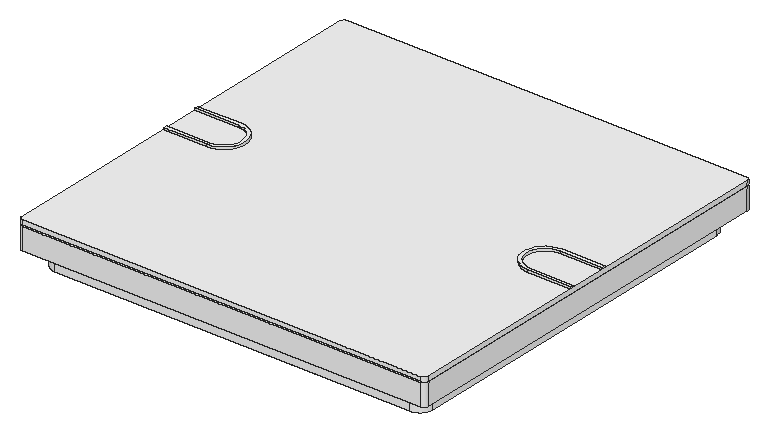
Revit family "Gira_5051028", category Electrical Fixtures, host Face, Revit 2017
Family settings
  Host = Face
  Maintain Annotation Orientation = No
  Round Connector Dimension = Use Diameter
  Part Type = Normal
  Cut with Voids When Loaded = No
  Shared = No
  Room Calculation Point = No
Parameters (values of type "PB sens.4 24 V 1-g TS4 anthra.")
  With room temperature controller = no
  With label area = no
  With display = no
  With anti-theft/dismantling protection = yes
  With IR sensor = no
  White = White
  URL = "https://www.gira.de/"
  Type Comments = ""
  Transparent = no
  Surface protection = "Sonstige (*de-DE)"
  Radio frequent bidirectional = no
  Number of buttons = 1
  Number of actuation points = 2
  Model = ""
  Material quality = "Sonstige (*de-DE)"
  Material = "Sonstige (*de-DE)"
  Manufacturer = "Gira"
  Keynote = ""
  HeinzeBIM = "https://www.heinze.de/bim/pb-sens-4-24-v-1-g-ts4-anthra-/8fc481d81ca8bcf9651317b8a25061c75db55e9c"
  HAN = "5051028"
  GTIN = "4010337074977"
  Description = ""
  Default Elevation = 1219.2 mm
  Cost = 0
  Colour = "anthracite"
  Bus connection included = no
  BIMSITE_PRODUCT_ID = "8fc481d81ca8bcf9651317b8a25061c75db55e9c"
  BIM = "https://media.live.bim.site/t/eyJhbGciOiJIUzI1NiIsInR5cCI6IkpXVCJ9.eyJjdCI6MSwidGYiOiJwdWJsaWMvZ2lyYS8wOWY1ZGI1LzQwXzUwMDEwMCBUUzQgMWZhY2gucmZhIiwiY2lkIjoiZmVkOThlOWEtMWJkOC00YzY4LWE3M2ItNzRhOTRlMzE1ODIzIiwicmlkIjoiNWFlNjRhMmFjY2FkMDA5YzliOGQ5MDYxZWZlNTc2MmYiLCJwaWQiOiI4ZmM0ODFkODFjYThiY2Y5NjUxMzE3YjhhMjUwNjFjNzVkYjU1ZTljIiwic2lkIjoiNjM0NzAiLCJ1dCI6NSwibGMiOiJlbiIsImlhdCI6MTYwNzQ0MTIwMCwiaXNzIjoiaHR0cHM6Ly9hcGkubGl2ZS5iaW0uc2l0ZSIsInN1YiI6IjhkM2FhNWNiLWUwNjYtNDU5OC1iZTE2LTZlMTZlZTc0OTU2YSJ9.0SWiIp8L5mMy2-bcWJ9r-6B8xKkat75mDMOYDul434c/40_500100 TS4 1fach.rfa"
  Assembly Code = ""
Reference planes
  plane 1 "Center (Front/Back)": y = 0
  plane 2: z = 0
  plane 3 "Center (Left/Right)": x = 0
Forms (mm)
  Extrusion 1, solid, material "White", detail levels fine
    sketch origin (0, 0, 0) x (1, 0, 0) y (0, 1, 0)
      loop
        line (25.45, 35.45) -> (-25.45, 35.45)
        arc (-25.45, 35.45) -> (-32.521, 32.521) -> (-35.45, 25.45) r 10
        line (-35.45, 25.45) -> (-35.45, -25.45)
        arc (-35.45, -25.45) -> (-32.521, -32.521) -> (-25.45, -35.45) r 10
        line (-25.45, -35.45) -> (25.45, -35.45)
        arc (25.45, -35.45) -> (32.521, -32.521) -> (35.45, -25.45) r 10
        line (35.45, -25.45) -> (35.45, 25.45)
        arc (35.45, 25.45) -> (32.521, 32.521) -> (25.45, 35.45) r 10
      loop
        arc (-31.325, 28.496) -> (-31.325, 25.668) -> (-28.496, 25.668) r 2
        line (-28.496, 25.668) -> (-25.668, 28.496)
        arc (-25.668, 28.496) -> (-25.668, 31.325) -> (-28.496, 31.325) r 2
        line (-28.496, 31.325) -> (-31.325, 28.496)
      loop
        arc (-28.496, -31.325) -> (-25.668, -31.325) -> (-25.668, -28.496) r 2
        line (-25.668, -28.496) -> (-28.496, -25.668)
        arc (-28.496, -25.668) -> (-31.325, -25.668) -> (-31.325, -28.496) r 2
        line (-31.325, -28.496) -> (-28.496, -31.325)
      loop
        line (31.325, 28.496) -> (28.496, 31.325)
        arc (28.496, 31.325) -> (25.668, 31.325) -> (25.668, 28.496) r 2
        line (25.668, 28.496) -> (28.496, 25.668)
        arc (28.496, 25.668) -> (31.325, 25.668) -> (31.325, 28.496) r 2
      loop
        line (28.496, -31.325) -> (31.325, -28.496)
        arc (31.325, -28.496) -> (31.325, -25.668) -> (28.496, -25.668) r 2
        line (28.496, -25.668) -> (25.668, -28.496)
        arc (25.668, -28.496) -> (25.668, -31.325) -> (28.496, -31.325) r 2
      loop
        line (-13.39, 22.831) -> (-22.831, 13.39) -> (-22.831, -13.39) -> (-13.39, -22.831) -> (13.39, -22.831) -> (22.831, -13.39) -> (22.831, 13.39) -> (13.39, 22.831) -> (-13.39, 22.831)
      loop
        arc (-1.681, 31.793) -> (-6.669, 29.581) -> (-1.417, 28.102) r 2.9
        arc (-1.417, 28.102) -> (2.178, 28.079) -> (5.741, 27.6) r 28.291
        arc (5.741, 27.6) -> (7.553, 29.282) -> (6.077, 31.265) r 1.851
        arc (6.077, 31.265) -> (2.215, 31.784) -> (-1.681, 31.793) r 29.64
      loop
        arc (1.681, -31.793) -> (6.669, -29.581) -> (1.417, -28.102) r 2.9
        arc (1.417, -28.102) -> (-2.178, -28.079) -> (-5.741, -27.6) r 28.291
        arc (-5.741, -27.6) -> (-7.553, -29.282) -> (-6.077, -31.265) r 1.851
        arc (-6.077, -31.265) -> (-2.215, -31.784) -> (1.681, -31.793) r 29.64
      loop
        arc (-31.793, -1.681) -> (-29.581, -6.669) -> (-28.102, -1.417) r 2.9
        arc (-28.102, -1.417) -> (-28.079, 2.178) -> (-27.6, 5.741) r 28.291
        arc (-27.6, 5.741) -> (-29.282, 7.553) -> (-31.265, 6.077) r 1.851
        arc (-31.265, 6.077) -> (-31.784, 2.215) -> (-31.793, -1.681) r 29.64
      loop
        arc (31.793, 1.681) -> (29.581, 6.669) -> (28.102, 1.417) r 2.9
        arc (28.102, 1.417) -> (28.079, -2.178) -> (27.6, -5.741) r 28.291
        arc (27.6, -5.741) -> (29.282, -7.553) -> (31.265, -6.077) r 1.851
        arc (31.265, -6.077) -> (31.784, -2.215) -> (31.793, 1.681) r 29.64
    from 0 to -1
  Extrusion 2, solid, material "White", detail levels medium+fine
    sketch origin (0, 0, 0) x (1, 0, 0) y (0, 1, 0)
      loop
        line (-22.831, 13.39) -> (-22.831, -13.39) -> (-13.39, -22.831) -> (13.39, -22.831) -> (22.831, -13.39) -> (22.831, 13.39) -> (13.39, 22.831) -> (-13.39, 22.831) -> (-22.831, 13.39)
    from 0 to -15.5
  Extrusion 3, solid, material "White", detail levels medium
    sketch origin (0, 0, 0) x (1, 0, 0) y (0, 1, 0)
      loop
        line (35.45, 35.45) -> (-35.45, 35.45) -> (-35.45, -35.45) -> (35.45, -35.45) -> (35.45, 35.45)
    from 0 to -1
  Extrusion 4, solid, material "White" <- "White", detail levels fine
    sketch origin (0, 0, 0) x (1, 0, 0) y (0, 1, 0)
      loop
        arc (-41.4, 44.4) -> (-43.521, 43.521) -> (-44.4, 41.4) r 3
        line (-44.4, 41.4) -> (-44.4, -41.4)
        arc (-44.4, -41.4) -> (-43.521, -43.521) -> (-41.4, -44.4) r 3
        line (-41.4, -44.4) -> (41.4, -44.4)
        arc (41.4, -44.4) -> (43.521, -43.521) -> (44.4, -41.4) r 3
        line (44.4, -41.4) -> (44.4, 41.4)
        arc (44.4, 41.4) -> (43.521, 43.521) -> (41.4, 44.4) r 3
        line (41.4, 44.4) -> (-41.4, 44.4)
      loop
        arc (-42.4, -41.4) -> (-42.107, -42.107) -> (-41.4, -42.4) r 1
        line (-41.4, -42.4) -> (41.4, -42.4)
        arc (41.4, -42.4) -> (42.107, -42.107) -> (42.4, -41.4) r 1
        line (42.4, -41.4) -> (42.4, 41.4)
        arc (42.4, 41.4) -> (42.107, 42.107) -> (41.4, 42.4) r 1
        line (41.4, 42.4) -> (-41.4, 42.4)
        arc (-41.4, 42.4) -> (-42.107, 42.107) -> (-42.4, 41.4) r 1
        line (-42.4, 41.4) -> (-42.4, -41.4)
    from 0 to 4
  Extrusion 5, solid, material "White" <- "White", detail levels medium
    sketch origin (0, 0, 0) x (1, 0, 0) y (0, 1, 0)
      loop
        line (-44.4, 44.4) -> (-44.4, -44.4) -> (44.4, -44.4) -> (44.4, 44.4) -> (-44.4, 44.4)
    from 0 to 4
  Extrusion 6, solid, material "White" <- "White", detail levels fine
    sketch origin (0, 0, 0) x (1, 0, 0) y (0, 1, 0)
      loop
        line (-46.5, -47.5) -> (46.5, -47.5)
        arc (46.5, -47.5) -> (47.207, -47.207) -> (47.5, -46.5) r 1
        line (47.5, -46.5) -> (47.5, 46.5)
        arc (47.5, 46.5) -> (47.207, 47.207) -> (46.5, 47.5) r 1
        line (46.5, 47.5) -> (-46.5, 47.5)
        arc (-46.5, 47.5) -> (-47.207, 47.207) -> (-47.5, 46.5) r 1
        line (-47.5, 46.5) -> (-47.5, -46.5)
        arc (-47.5, -46.5) -> (-47.207, -47.207) -> (-46.5, -47.5) r 1
    from 4 to 9
  Extrusion 7, solid, material "White" <- "White", detail levels medium
    sketch origin (0, 0, 0) x (1, 0, 0) y (0, 1, 0)
      loop
        line (-47.5, -47.5) -> (47.5, -47.5) -> (47.5, 47.5) -> (-47.5, 47.5) -> (-47.5, -47.5)
    from 4 to 10.7
  Extrusion 8, solid, material "White" <- "White", detail levels fine
    sketch origin (0, 0, 0) x (1, 0, 0) y (0, 1, 0)
      loop
        line (-46.5, -47.5) -> (46.5, -47.5)
        arc (46.5, -47.5) -> (47.207, -47.207) -> (47.5, -46.5) r 1
        line (47.5, -46.5) -> (47.5, 46.5)
        arc (47.5, 46.5) -> (47.207, 47.207) -> (46.5, 47.5) r 1
        line (46.5, 47.5) -> (-46.5, 47.5)
        arc (-46.5, 47.5) -> (-47.207, 47.207) -> (-47.5, 46.5) r 1
        line (-47.5, 46.5) -> (-47.5, -46.5)
        arc (-47.5, -46.5) -> (-47.207, -47.207) -> (-46.5, -47.5) r 1
    from 9.3 to 10.3
  Extrusion 9, solid, material "White" <- "White", detail levels fine
    sketch origin (0, 0, 0) x (1, 0, 0) y (0, 1, 0)
      loop
        line (-37.5, 5) -> (-47.5, 5) -> (-47.5, 4.2) -> (-37.5, 4.2)
        arc (-37.5, 4.2) -> (-33.3, 0) -> (-37.5, -4.2) r 4.2
        line (-37.5, -4.2) -> (-47.5, -4.2) -> (-47.5, -5) -> (-37.5, -5)
        arc (-37.5, -5) -> (-32.5, 0) -> (-37.5, 5) r 5
      loop
        arc (37.5, 5) -> (32.5, 0) -> (37.5, -5) r 5
        line (37.5, -5) -> (47.5, -5) -> (47.5, -4.2) -> (37.5, -4.2)
        arc (37.5, -4.2) -> (33.3, 0) -> (37.5, 4.2) r 4.2
        line (37.5, 4.2) -> (47.5, 4.2) -> (47.5, 5) -> (37.5, 5)
    from 9.5 to 10.7
  Extrusion 10, solid, material "White" <- "White", detail levels coarse
    sketch origin (0, 0, 0) x (1, 0, 0) y (0, 1, 0)
      loop
        line (-47.5, -47.5) -> (47.5, -47.5) -> (47.5, 47.5) -> (-47.5, 47.5) -> (-47.5, -47.5)
    from -15.4 to 10.7
Lines and regions (mm)
  reference lines
    curve 1: line (0, 47.5, 0) -> (0, -47.5, 0)
    curve 2: line (-47.5, 0, 0) -> (47.5, 0, 0)
Dimensions and locks
  aligned and locked: plane 2 to host face
  aligned and locked: level to host face
Connectors
  electrical at (0, 0, -15.5)
    settings: on Extrusion 2, index 1, voltage 220 V, apparent load 0 VA, apparent load phase1 0 VA, apparent load phase2 0 VA, apparent load phase3 0 VA, power factor 1, load classification "Other", number of poles 1, system type 31, power factor state 1, is connector primary yes, connector utility no, sub classification motor no, connector description ""
